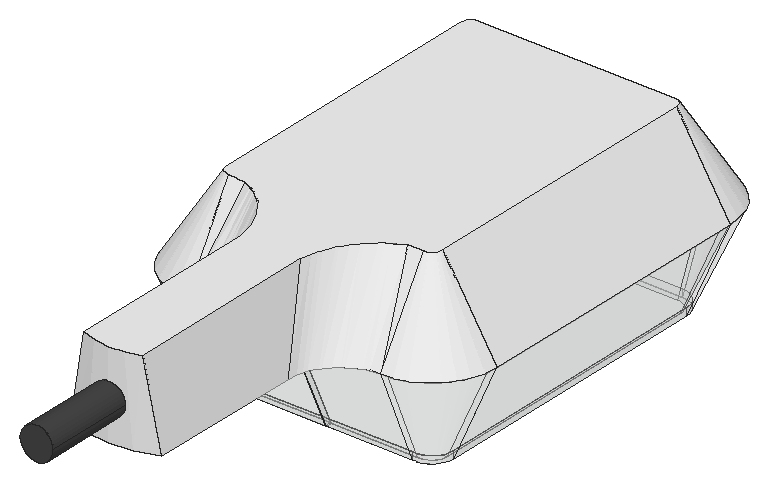
Revit family
Parameters (values of type "200 Watts")
  Wattage Comments = "200"
  Wattage = 200 W
  built-in parameter 1150110 = 1 (stored number, unit not read)
  built-in parameter 1114217 = 1 (stored number, unit not read)
  built-in parameter 1150109 = 1 (stored number, unit not read)
  built-in parameter 1150134 = 4
  built-in parameter 1150113 = 1 (stored number, unit not read)
  Material of Rod = Rod Material
  Mounting Height = 2000 mm
  built-in parameter 1150105 = 763.94 (stored number, unit not read)
  Lumens = 2400 lm
  Material of Lamp Cover = Lamp Cover Material (Transparent)
  built-in parameter 1150115 = 1 (stored number, unit not read)
  Light Source Symbol Size = 609.6 mm
  built-in parameter 1150137 = (empty or 0)
  built-in parameter 1150139 = (empty or 0)
  built-in parameter 1150112 = 1 (stored number, unit not read)
  built-in parameter 1150114 = 1 (stored number, unit not read)
  Lamp = "gl-2"
  Material of Frame = Lamp Holder
  built-in parameter 1150132 = (empty or 0)
  built-in parameter 1150102 = (empty or 0)
  built-in parameter 1150107 = 2800 (stored number, unit not read)
  built-in parameter 1150138 = (empty or 0)
  built-in parameter 1150106 = 7.6394 (stored number, unit not read)
  built-in parameter 1150104 = 1.1148 (stored number, unit not read)
  Dimming Lamp Color Temperature Shift = (empty or 0)
  Color Filter = 16777215
  built-in parameter 1114218 = 1 (stored number, unit not read)
  built-in parameter 1150133 = 10 (stored number, unit not read)
Types (2, lengths in mm): name | Wattage Comments | Wattage | built-in parameter 1150105 | Lumens | built-in parameter 1150106
  400 Watts | "400" | 400 W | 1527.9 (stored number, unit not read) | 4800 lm | 15.279 (stored number, unit not read)
  200 Watts | "200" | 200 W | 763.94 (stored number, unit not read) | 2400 lm | 7.6394 (stored number, unit not read)
Reference planes
  plane 1: y = 0
  plane 2 "Light Source Axis (L/R)": x = 125
  plane 3 "Light Source Axis (F/R)": y = 550
  plane 4 "Light Source Elevation": z = 1960
  plane 5: y = 75
  plane 6: z = 2000
Forms (mm)
  Extrusion 1, solid, material "Rod Material" <- "Material of Rod"
    sketch origin (0, 75, 0) x (1, 0, 0) y (0, 0, 1)
      loop
        circle (125, 2036.072) r 15.165
    from -83.473 to 0
  Blend 2, solid, material "Lamp Cover Material (Transparent)" <- "Material of Lamp Cover"
    base sketch origin (0, 0, 2000) x (-1, 0, 0) y (0, -1, 0)
      loop
        line (-35, -360) -> (-132.032, -360) -> (-132.032, -366) -> (-35, -366)
        arc (-35, -366) -> (3.184, -381.816) -> (19, -420) r 54
        line (19, -420) -> (19, -690)
        arc (19, -690) -> (3.184, -728.184) -> (-35, -744) r 54
        line (-35, -744) -> (-215, -744)
        arc (-215, -744) -> (-253.184, -728.184) -> (-269, -690) r 54
        line (-269, -690) -> (-269, -420)
        arc (-269, -420) -> (-253.184, -381.816) -> (-215, -366) r 54
        line (-215, -366) -> (-133.3, -366) -> (-133.3, -360) -> (-215, -360)
        arc (-215, -360) -> (-257.426, -377.574) -> (-275, -420) r 60
        line (-275, -420) -> (-275, -690)
        arc (-275, -690) -> (-257.426, -732.426) -> (-215, -750) r 60
        line (-215, -750) -> (-35, -750)
        arc (-35, -750) -> (7.426, -732.426) -> (25, -690) r 60
        line (25, -690) -> (25, -420)
        arc (25, -420) -> (7.426, -377.574) -> (-35, -360) r 60
    top sketch origin (0, 0, 2000) x (-1, 0, 0) y (0, -1, 0)
      loop
        line (-15, -690) -> (-15, -420)
        arc (-15, -420) -> (-21.686, -405.075) -> (-37.274, -400.13) r 20
        line (-37.274, -400.13) -> (-132.032, -400.13) -> (-132.032, -406.13) -> (-36.901, -406.13)
        arc (-36.901, -406.13) -> (-25.797, -409.45) -> (-21, -420) r 14
        line (-21, -420) -> (-21, -690)
        arc (-21, -690) -> (-25.101, -699.899) -> (-35, -704) r 14
        line (-35, -704) -> (-215, -704)
        arc (-215, -704) -> (-224.899, -699.899) -> (-229, -690) r 14
        line (-229, -690) -> (-229, -420)
        arc (-229, -420) -> (-224.203, -409.45) -> (-213.099, -406.13) r 14
        line (-213.099, -406.13) -> (-133.3, -406.13) -> (-133.3, -400.13) -> (-212.726, -400.13)
        arc (-212.726, -400.13) -> (-228.314, -405.075) -> (-235, -420) r 20
        line (-235, -420) -> (-235, -690)
        arc (-235, -690) -> (-229.142, -704.142) -> (-215, -710) r 20
        line (-215, -710) -> (-35, -710)
        arc (-35, -710) -> (-20.858, -704.142) -> (-15, -690) r 20
    from 0 to -90
  Extrusion 3, solid, material "Lamp Cover Material (Transparent)" <- "Material of Lamp Cover"
    sketch origin (0, 0, 2000) x (-1, 0, 0) y (0, 1, 0)
      loop
        arc (-15, 690) -> (-20.858, 704.142) -> (-35, 710) r 20
        line (-35, 710) -> (-215, 710)
        arc (-215, 710) -> (-229.142, 704.142) -> (-235, 690) r 20
        line (-235, 690) -> (-235, 420)
        arc (-235, 420) -> (-228.314, 405.075) -> (-212.726, 400.13) r 20
        line (-212.726, 400.13) -> (-37.274, 400.13)
        arc (-37.274, 400.13) -> (-21.686, 405.075) -> (-15, 420) r 20
        line (-15, 420) -> (-15, 690)
    from 83.077 to 90
  Blend 4, solid, material "Lamp Holder" <- "Material of Frame"
    base sketch origin (0, 0, 2000) x (-1, 0, 0) y (0, -1, 0)
      loop
        line (25, -690) -> (25, -420)
        arc (25, -420) -> (7.426, -377.574) -> (-35, -360) r 60
        arc (-35, -360) -> (-68.69, -346.045) -> (-82.645, -312.355) r 47.645
        line (-82.645, -312.355) -> (-82.645, -167.355)
        arc (-82.645, -167.355) -> (-125, -158.473) -> (-167.355, -167.355) r 105.427
        line (-167.355, -167.355) -> (-167.355, -312.355)
        arc (-167.355, -312.355) -> (-181.31, -346.045) -> (-215, -360) r 47.645
        arc (-215, -360) -> (-257.426, -377.574) -> (-275, -420) r 60
        line (-275, -420) -> (-275, -690)
        arc (-275, -690) -> (-257.426, -732.426) -> (-215, -750) r 60
        line (-215, -750) -> (-35, -750)
        arc (-35, -750) -> (7.426, -732.426) -> (25, -690) r 60
    top sketch origin (0, 0, 2000) x (-1, 0, 0) y (0, -1, 0)
      loop
        line (-25, -690) -> (-25, -420)
        arc (-25, -420) -> (-27.929, -412.929) -> (-35, -410) r 10
        line (-35, -410) -> (-50, -410)
        arc (-50, -410) -> (-82.333, -383.958) -> (-97.645, -345.368) r 81.511
        line (-97.645, -345.368) -> (-97.645, -163.268)
        arc (-97.645, -163.268) -> (-125, -158.473) -> (-152.355, -163.268) r 80.427
        line (-152.355, -163.268) -> (-152.355, -345.368)
        arc (-152.355, -345.368) -> (-167.667, -383.958) -> (-200, -410) r 81.511
        line (-200, -410) -> (-215, -410)
        arc (-215, -410) -> (-222.071, -412.929) -> (-225, -420) r 10
        line (-225, -420) -> (-225, -690)
        arc (-225, -690) -> (-222.071, -697.071) -> (-215, -700) r 10
        line (-215, -700) -> (-35, -700)
        arc (-35, -700) -> (-27.929, -697.071) -> (-25, -690) r 10
    from 0 to 80
Text (mm)
  text "Placement side" at (-1787.139, 1116.779, 0), in view "Ref. Level"
  text "Placement side" at (0, 2110.396, 2986.058), in view "Left"
  text "Placement side" at (0, 628.478, 3011.967), in view "Right"
Dimensions and locks
  "Mounting Height": level to plane 6
  locked: plane 4 "Light Source Elevation" to plane 6 at 40
  locked: plane 3 "Light Source Axis (F/R)" to host wall at 475
  aligned and locked: plane 1 to host wall
  aligned and locked: plane 5 to host wall
  aligned and locked: Extrusion 1 to host wall
  aligned and locked: Extrusion 3 to Blend 2
  aligned and locked: Blend 4 sketch curve to Blend 2  (x2)
  aligned and locked: Blend 4 sketch curve to Blend 4 sketch curve
  aligned and locked: plane 2 "Light Source Axis (L/R)" to imposter light
  aligned and locked: plane 3 "Light Source Axis (F/R)" to imposter light
  aligned and locked: plane 4 "Light Source Elevation" to imposter light
Automatic sketch dimensions
  Extrusion 1 sketch curve to plane 2 "Light Source Axis (L/R)" = 0 mm
  Extrusion 1 sketch curve to plane 6 = 36.072 mm
  Blend 2 sketch curve to Blend 2 sketch curve = 6 mm  (x6)
  Blend 2 sketch curve to Blend 2 sketch curve = 0 mm  (x12)
  plane 2 "Light Source Axis (L/R)" to Blend 2 sketch curve = 8.3 mm  (x2)
  Blend 2 sketch curve to Blend 2 sketch curve = 1.269 mm  (x2)
  Blend 2 sketch curve to Blend 2 sketch curve = 1.901 mm
  Blend 2 sketch curve to Blend 2 sketch curve = 0.373 mm  (x2)
  Blend 2 sketch curve to Blend 2 sketch curve = 2.274 mm
  Extrusion 3 sketch curve to Extrusion 3 sketch curve = 2.274 mm  (x2)
  plane 2 "Light Source Axis (L/R)" to Blend 2 sketch curve = 90 mm  (x2)
  Blend 2 sketch curve to Blend 2 sketch curve = 81.7 mm
  Blend 2 sketch curve to Blend 2 sketch curve = 54 mm  (x2)
  Blend 2 sketch curve to plane 2 "Light Source Axis (L/R)" = 90 mm  (x3)
  Blend 2 sketch curve to plane 3 "Light Source Axis (F/R)" = 200 mm
  plane 3 "Light Source Axis (F/R)" to Blend 2 sketch curve = 130 mm  (x3)
  Blend 2 sketch curve to Blend 2 sketch curve = 79.425 mm
  Blend 2 sketch curve to Blend 2 sketch curve = 14 mm  (x2)
  Blend 2 sketch curve to plane 2 "Light Source Axis (L/R)" = 87.726 mm
  Blend 2 sketch curve to plane 3 "Light Source Axis (F/R)" = 160 mm
  Blend 2 sketch curve to Blend 2 sketch curve = 13.87 mm
  plane 2 "Light Source Axis (L/R)" to Extrusion 3 sketch curve = 110 mm
  Extrusion 3 sketch curve to Extrusion 3 sketch curve = 20 mm  (x3)
  Extrusion 3 sketch curve to plane 2 "Light Source Axis (L/R)" = 87.726 mm
  Extrusion 3 sketch curve to plane 2 "Light Source Axis (L/R)" = 90 mm
  Extrusion 3 sketch curve to plane 3 "Light Source Axis (F/R)" = 160 mm
  plane 3 "Light Source Axis (F/R)" to Extrusion 3 sketch curve = 130 mm
  Blend 4 sketch curve to plane 2 "Light Source Axis (L/R)" = 0 mm  (x2)
  Blend 4 sketch curve to Blend 4 sketch curve = 60 mm
  plane 2 "Light Source Axis (L/R)" to Blend 4 sketch curve = 42.355 mm
  Blend 4 sketch curve to plane 2 "Light Source Axis (L/R)" = 42.355 mm
  Blend 4 sketch curve to Blend 4 sketch curve = 47.645 mm
  plane 3 "Light Source Axis (F/R)" to Blend 4 sketch curve = 130 mm  (x2)
  Blend 4 sketch curve to Blend 4 sketch curve = 0 mm  (x3)
  Blend 4 sketch curve to Blend 4 sketch curve = 48.455 mm
  host wall to Blend 4 sketch curve = 92.355 mm
  plane 2 "Light Source Axis (L/R)" to Blend 4 sketch curve = 27.355 mm
  plane 2 "Light Source Axis (L/R)" to Blend 4 sketch curve = 75 mm
  Blend 4 sketch curve to Blend 4 sketch curve = 15 mm  (x2)
  plane 2 "Light Source Axis (L/R)" to Blend 4 sketch curve = 90 mm
  Blend 4 sketch curve to Blend 4 sketch curve = 10 mm  (x2)
  Blend 4 sketch curve to Blend 4 sketch curve = 18.277 mm  (x2)
  Blend 4 sketch curve to plane 2 "Light Source Axis (L/R)" = 27.355 mm
  Blend 4 sketch curve to plane 2 "Light Source Axis (L/R)" = 75 mm
  Blend 4 sketch curve to plane 2 "Light Source Axis (L/R)" = 90 mm
  Blend 4 sketch curve to plane 3 "Light Source Axis (F/R)" = 150 mm
  Blend 4 sketch curve to Blend 4 sketch curve = 64.632 mm
  Blend 4 sketch curve to Blend 4 sketch curve = 106.467 mm
  Blend 4 sketch curve to Blend 4 sketch curve = 75.633 mm
  radius of Extrusion 1 sketch curve = 15.165 mm
